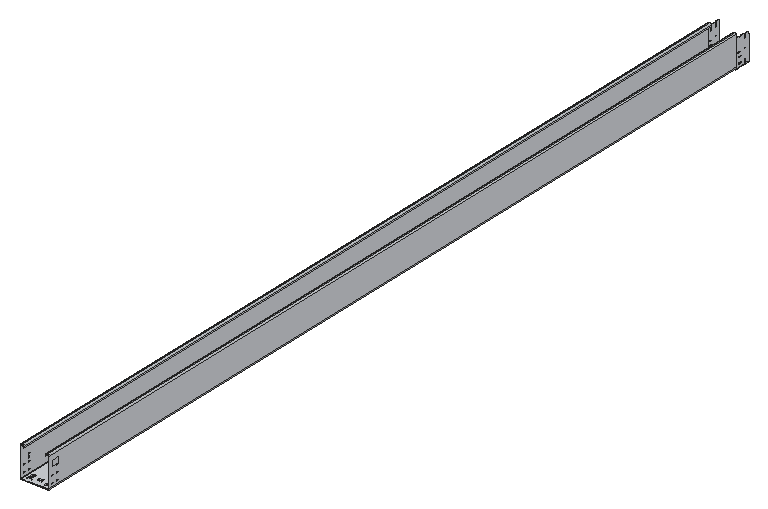
Revit family "SKSMUKabelrinne SKS-Magic® 110 ungelocht FS_FT_110_115_120_130_140_150_160", category Generic Models, Revit 2017
Family settings
  Can host rebar = No
  Round Connector Dimension = Use Diameter
  Part Type = Normal
  Work Plane-Based = No
  Always vertical = Yes
  Cut with Voids When Loaded = No
  Shared = No
  Room Calculation Point = No
Parameters (values of type "SKSMU 110 FS")
  Width 2 = 6.5 mm
  Width 1 = Width / 2  # 50 mm
  Width = 100 mm
  URL = "http://www.obo-bettermann.com"
  Material = Strip-galvanised
  Manufacturer Art.No. = "6059836"
  Manufacturer = "OBO BETTERMANN"
  Length 2 = 49.812 mm
  Length 1 = 3000 mm
  Length = 3050 mm
  Height = 110 mm
  GTIN = "4012195833925"
  Cut's number = 2
  Article Type = "SKSMU 110 FS"
Types (15, lengths in mm): name | Width 1 | Width | Material | Manufacturer Art.No. | GTIN | Article Type
  (no name) | 50 | 100 | Strip-galvanised | "6059836" | "4012195833925" | "SKSMU 110 FS"
  SKSMU 110 FS | 50 | 100 | Strip-galvanised | "6059836" | "4012195833925" | "SKSMU 110 FS"
  SKSMU 115 FS | 75 | 150 | Strip-galvanised | "6059838" | "4012195833932" | "SKSMU 115 FS"
  SKSMU 120 FS | 100 | 200 | Strip-galvanised | "6059840" | "4012195833949" | "SKSMU 120 FS"
  SKSMU 130 FS | 150 | 300 | Strip-galvanised | "6059842" | "4012195833987" | "SKSMU 130 FS"
  SKSMU 140 FS | 200 | 400 | Strip-galvanised | "6059844" | "4012195833994" | "SKSMU 140 FS"
  SKSMU 150 FS | 250 | 500 | Strip-galvanised | "6059846" | "4012195834007" | "SKSMU 150 FS"
  SKSMU 160 FS | 300 | 600 | Strip-galvanised | "6059848" | "4012195834038" | "SKSMU 160 FS"
  SKSMU 110 FT | 50 | 100 | Hot dip galvanised | "6059853" | "4012195834045" | "SKSMU 110 FT"
  SKSMU 115 FT | 75 | 150 | Hot dip galvanised | "6059855" | "4012195834052" | "SKSMU 115 FT"
  SKSMU 120 FT | 100 | 200 | Hot dip galvanised | "6059857" | "4012195834069" | "SKSMU 120 FT"
  SKSMU 130 FT | 150 | 300 | Hot dip galvanised | "6059859" | "4012195834106" | "SKSMU 130 FT"
  SKSMU 140 FT | 200 | 400 | Hot dip galvanised | "6059861" | "4012195834113" | "SKSMU 140 FT"
  SKSMU 150 FT | 250 | 500 | Hot dip galvanised | "6059863" | "4012195834120" | "SKSMU 150 FT"
  SKSMU 160 FT | 300 | 600 | Hot dip galvanised | "6059865" | "4012195834151" | "SKSMU 160 FT"
Reference planes
  plane 1 "Center (Front/Back)": y = 0
  plane 2: z = 0
  plane 3 "Center (Left/Right)": x = 0
  plane 4: x = -31
  plane 5: x = 31
  plane 6: z = -3.5
  plane 7: y = 3050
  plane 8: z = -5.8
  plane 9: x = -31
  plane 10: x = 31
  plane 11: y = 36.35
  plane 12: z = -5.8
  plane 13: y = 35.85
  plane 14: z = 14
  plane 15: z = 39
  plane 16: y = 35.85
  plane 17: x = 0.74
  plane 18: y = 3024.58
  plane 19: y = 3024.58
  plane 20: x = -31
  plane 21: x = 31
  plane 22: x = 0
  plane 23: y = 3032.58
  plane 24: y = 3016.58
  plane 25 "2": x = -5
  plane 26 "1": y = 29.1
  plane 27: y = 21.1
  plane 28: x = 6
  plane 29: x = 6
  plane 30: x = -3
  plane 31: z = 14.186
  plane 32: z = -2.3
  plane 33: z = -2.3
  plane 34: z = 39.186
  plane 35: y = 14.692
  plane 36: z = 42.107
  plane 37: z = 17.5
  plane 38: z = 10.5
  plane 39: y = 14.692
  plane 40: z = 67.107
  plane 41: z = 42.5
  plane 42: z = 35.5
  plane 43: z = 52.5
  plane 44: z = 64
  plane 45: y = 35.85
  plane 46: y = 3035
  plane 47: z = 13.2
  plane 48: y = 3035
  plane 49: z = 54.6
  plane 50: y = 3020
  plane 51: y = 3015
  plane 52: z = 47.25
  plane 53: y = 3005
  plane 54: y = 3022
  plane 55: z = 17.5
  plane 56: z = 0
  plane 57: z = 9
  plane 58: z = 111
  plane 59: x = -38
  plane 60: z = 105
  plane 61: x = -44
  plane 62: z = 106.5
  plane 63: x = 43.986
  plane 64: z = 101.956
  plane 65: x = 37.986
  plane 66: z = 96.45
  plane 67: z = 0
  plane 68: z = 17.5
  plane 69: z = 13.2
  plane 70: y = 3035
  plane 71: z = 54.6
  plane 72: y = 3035
  plane 73: y = 3035
  plane 74: z = 79.45
  plane 75: z = 79.45
  plane 76: y = 3015.188
  plane 77: z = 111.002
  plane 78: z = 45.2
  plane 79: z = 35.6
  plane 80: z = 79.45
  plane 81: y = 3035
  plane 82: y = 3015.188
  plane 83: z = 35.6
  plane 84: z = 35.6
  plane 85: z = 87.5
  plane 86: x = 52.5
  plane 87: y = 35.5
  plane 88: y = 25.1
  plane 89: y = 25.1
  plane 90: y = 35.5
  plane 91: y = 13.15
  plane 92: y = 13.15
  plane 93: z = 87.5
Forms (mm)
  Extrusion 1, solid
    sketch origin (0, 0, 0) x (1, 0, 0) y (0, 0, 1)
      loop
        line (-47.763, 0) -> (47.503, 0)
        arc (47.503, 0) -> (49.269, 0.731) -> (50, 2.497) r 2.497
        line (50, 2.497) -> (50, 104.985)
        arc (50, 104.985) -> (43.993, 110.992) -> (37.986, 104.985) r 6.007
        line (37.986, 104.985) -> (37.986, 101.956) -> (39.486, 101.956) -> (39.486, 104.985)
        arc (39.486, 104.985) -> (43.993, 109.492) -> (48.5, 104.985) r 4.507
        line (48.5, 104.985) -> (48.5, 2.497)
        arc (48.5, 2.497) -> (48.208, 1.792) -> (47.503, 1.5) r 0.997
        line (47.503, 1.5) -> (-47.641, 1.5)
        arc (-47.641, 1.5) -> (-48.248, 1.752) -> (-48.5, 2.359) r 0.859
        line (-48.5, 2.359) -> (-48.5, 105)
        arc (-48.5, 105) -> (-44, 109.5) -> (-39.5, 105) r 4.5
        line (-39.5, 105) -> (-39.5, 101.956) -> (-38, 101.956) -> (-38, 105)
        arc (-38, 105) -> (-44, 111) -> (-50, 105) r 6
        line (-50, 105) -> (-50, 2.237)
        arc (-50, 2.237) -> (-49.345, 0.655) -> (-47.763, 0) r 2.237
    from 0 to -3000.188
  Extrusion 2, solid
    sketch origin (0, 0, 0) x (1, 0, 0) y (0, 0, 1)
      loop
        arc (-47.746, 0) -> (-49.34, 0.66) -> (-50, 2.254) r 2.254
        line (-50, 2.254) -> (-50, 96.45) -> (-52.3, 96.45) -> (-52.3, 2.5)
        arc (-52.3, 2.5) -> (-50.894, -0.894) -> (-47.5, -2.3) r 4.8
        line (-47.5, -2.3) -> (47.5, -2.3)
        arc (47.5, -2.3) -> (50.894, -0.894) -> (52.3, 2.5) r 4.8
        line (52.3, 2.5) -> (52.3, 96.45) -> (50, 96.45) -> (50, 2.5)
        arc (50, 2.5) -> (49.268, 0.732) -> (47.5, 0) r 2.5
        line (47.5, 0) -> (-47.746, 0)
    from -3050 to -3000.188
  Extrusion 3, solid
    sketch origin (0, 0, 0) x (1, 0, 0) y (0, 0, 1)
      loop
        line (-31.068, -5.761) -> (-21.09, 0) -> (-25.554, 0) -> (-31, -3.144) -> (-36.446, 0) -> (-41.046, 0) -> (-31.068, -5.761)
      loop
        line (31, -5.8) -> (41.046, 0) -> (36.446, 0) -> (31, -3.144) -> (25.554, 0) -> (20.954, 0) -> (31, -5.8)
    from -36.35 to -29.85
  Extrusion 4, solid
    sketch origin (0, 0, 0) x (1, 0, 0) y (0, 0, 1)
      loop
        line (-41.046, 0) -> (-31.068, -5.761) -> (-21.09, 0) -> (-25.554, 0) -> (-31, -3.144) -> (-36.446, 0) -> (-41.046, 0)
      loop
        line (20.954, 0) -> (31, -5.8) -> (41.046, 0) -> (36.446, 0) -> (31, -3.144) -> (25.554, 0) -> (20.954, 0)
    from -20.3 to -13.8
  Extrusion 5, void
    sketch origin (0, 0, 0) x (1, 0, 0) y (0, 1, 0)
      loop
        line (-36.446, 36.35) -> (-36.446, 29.85) -> (-25.554, 29.85) -> (-25.554, 36.35) -> (-36.446, 36.35)
      loop
        line (-36.446, 20.3) -> (-36.446, 13.8) -> (-25.554, 13.8) -> (-25.554, 20.3) -> (-36.446, 20.3)
      loop
        line (25.554, 36.35) -> (25.554, 29.85) -> (36.446, 29.85) -> (36.446, 36.35) -> (25.554, 36.35)
      loop
        line (25.554, 20.3) -> (25.554, 13.8) -> (36.446, 13.8) -> (36.446, 20.3) -> (25.554, 20.3)
    from 0 to 1.5
  Extrusion 6, void
    sketch origin (0, 0, 0) x (0, 1, 0) y (0, 0, 1)
      loop
        arc (31.85, 17.5) -> (28.35, 14) -> (31.85, 10.5) r 3.5
        line (31.85, 10.5) -> (39.85, 10.5)
        arc (39.85, 10.5) -> (43.35, 14) -> (39.85, 17.5) r 3.5
        line (39.85, 17.5) -> (31.85, 17.5)
    from 48.5 to 50
  Extrusion 7, void
    sketch origin (0, 0, 0) x (0, 1, 0) y (0, 0, 1)
      loop
        arc (31.654, 42.107) -> (28.35, 38.804) -> (31.654, 35.5) r 3.304
        line (31.654, 35.5) -> (40.046, 35.5)
        arc (40.046, 35.5) -> (43.35, 38.804) -> (40.046, 42.107) r 3.304
        line (40.046, 42.107) -> (31.654, 42.107)
    from 48.5 to 50
  Extrusion 8, void
    sketch origin (0, 0, 0) x (1, 0, 0) y (0, 1, 0)
      loop
        line (-7.26, 3028.08) -> (-7.26, 3021.08) -> (8.74, 3021.08) -> (8.74, 3028.08) -> (-7.26, 3028.08)
    from -2.3 to 0
  Extrusion 9, void
    sketch origin (0, 0, 0) x (1, 0, 0) y (0, 1, 0)
      loop
        line (23, 3036.38) -> (23, 3028.78) -> (39, 3028.78) -> (39, 3036.38) -> (23, 3036.38)
      loop
        line (23, 3020.341) -> (23, 3012.741) -> (39, 3012.741) -> (39, 3020.341) -> (23, 3020.341)
      loop
        line (-39, 3036.38) -> (-39, 3028.78) -> (-23, 3028.78) -> (-23, 3036.38) -> (-39, 3036.38)
      loop
        line (-39, 3020.341) -> (-39, 3012.741) -> (-23, 3012.741) -> (-23, 3020.341) -> (-39, 3020.341)
    from -2.3 to 0
  Extrusion 10, void
    sketch origin (0, 0, 0) x (1, 0, 0) y (0, 1, 0)
      loop
        arc (-6, 30.1) -> (-6.707, 29.807) -> (-7, 29.1) r 1
        line (-7, 29.1) -> (-7, 21.1)
        arc (-7, 21.1) -> (-6.707, 20.393) -> (-6, 20.1) r 1
        line (-6, 20.1) -> (6.045, 20.1)
        arc (6.045, 20.1) -> (7.064, 21.118) -> (6.045, 22.137) r 1.018
        line (6.045, 22.137) -> (-3.101, 23.098)
        arc (-3.101, 23.098) -> (-5, 25.276) -> (-2.758, 27.1) r 2.009
        line (-2.758, 27.1) -> (6.086, 28.111)
        arc (6.086, 28.111) -> (6.968, 29.159) -> (5.972, 30.1) r 0.997
        line (5.972, 30.1) -> (-6, 30.1)
    from 0 to 1.5
  Extrusion 11, void
    sketch origin (0, 0, 0) x (0, 1, 0) y (0, 0, 1)
      loop
        arc (9.939, 17.5) -> (7.197, 14) -> (9.939, 10.5) r 3.605
        line (9.939, 10.5) -> (18.803, 10.5)
        arc (18.803, 10.5) -> (22.198, 13.623) -> (19.7, 17.5) r 3.581
        line (19.7, 17.5) -> (9.939, 17.5)
    from 48.5 to 50
  Extrusion 12, void
    sketch origin (0, 0, 25) x (0, 1, 0) y (0, 0, 1)
      loop
        arc (9.939, 17.5) -> (7.197, 14) -> (9.939, 10.5) r 3.605
        line (9.939, 10.5) -> (18.803, 10.5)
        arc (18.803, 10.5) -> (22.198, 13.623) -> (19.7, 17.5) r 3.581
        line (19.7, 17.5) -> (9.939, 17.5)
    from 48.5 to 50
  Extrusion 13, void
    sketch origin (0, 0, 0) x (0, 1, 0) y (0, 0, 1)
      loop
        line (32.35, 56.5) -> (32.35, 48.5) -> (40.35, 48.5) -> (40.35, 56.5) -> (32.35, 56.5)
    from 48.5 to 50
  Extrusion 14, void
    sketch origin (0, 0, 25) x (0, 1, 0) y (0, 0, 1)
      loop
        arc (31.654, 42.107) -> (28.35, 38.804) -> (31.654, 35.5) r 3.304
        line (31.654, 35.5) -> (40.046, 35.5)
        arc (40.046, 35.5) -> (43.35, 38.804) -> (40.046, 42.107) r 3.304
        line (40.046, 42.107) -> (31.654, 42.107)
    from 48.5 to 50
  Extrusion 15, void
    sketch origin (0, 0, 0) x (0, 1, 0) y (0, 0, 1)
      loop
        line (40.35, 56.5) -> (32.35, 56.5) -> (32.35, 48.5) -> (40.35, 48.5) -> (40.35, 56.5)
      loop
        line (19.697, 42.5) -> (9.807, 42.5)
        arc (9.807, 42.5) -> (7.118, 38.959) -> (9.911, 35.5) r 3.606
        line (9.911, 35.5) -> (19.125, 35.5)
        arc (19.125, 35.5) -> (22.211, 38.771) -> (19.697, 42.5) r 3.6
      loop
        line (40.046, 42.107) -> (31.654, 42.107)
        arc (31.654, 42.107) -> (28.35, 38.804) -> (31.654, 35.5) r 3.304
        line (31.654, 35.5) -> (40.046, 35.5)
        arc (40.046, 35.5) -> (43.35, 38.804) -> (40.046, 42.107) r 3.304
      loop
        line (40.046, 67.107) -> (31.654, 67.107)
        arc (31.654, 67.107) -> (28.35, 63.804) -> (31.654, 60.5) r 3.304
        line (31.654, 60.5) -> (40.046, 60.5)
        arc (40.046, 60.5) -> (43.35, 63.804) -> (40.046, 67.107) r 3.304
      loop
        line (39.85, 17.476) -> (31.823, 17.476)
        arc (31.823, 17.476) -> (28.35, 14.003) -> (31.823, 10.53) r 3.473
        line (31.823, 10.53) -> (39.85, 10.53)
        arc (39.85, 10.53) -> (43.323, 14.003) -> (39.85, 17.476) r 3.473
      loop
        line (19.774, 17.476) -> (9.847, 17.476)
        arc (9.847, 17.476) -> (7.197, 14.012) -> (9.823, 10.53) r 3.605
        line (9.823, 10.53) -> (19.138, 10.53)
        arc (19.138, 10.53) -> (22.212, 13.751) -> (19.774, 17.476) r 3.581
    from -50 to -48.5
  Extrusion 16, void
    sketch origin (0, 0, 0) x (0, 1, 0) y (0, 0, 1)
      loop
        line (3031.5, 19.2) -> (3031.5, 7.257) -> (3038.5, 7.257) -> (3038.5, 19.2) -> (3031.5, 19.2)
      loop
        line (3030, 50.649) -> (3040, 50.649) -> (3040, 54.6) -> (3030, 54.6) -> (3030, 50.649)
    from -52.3 to -50
  Extrusion 17, void
    sketch origin (0, 0, 0) x (0, 1, 0) y (0, 0, 1)
      loop
        line (3005, 9) -> (3022, 9) -> (3022, 35.6) -> (3005, 35.6) -> (3005, 29.6) -> (3018.5, 29.6) -> (3018.5, 17.5) -> (3005, 17.5) -> (3005, 9)
    from -52.3 to -50
  Extrusion 18, void
    sketch origin (0, 0, 0) x (0, 1, 0) y (0, 0, 1)
      loop
        line (3005, 35.6) -> (3005, 29.6) -> (3018.5, 29.6) -> (3018.5, 17.5) -> (3005, 17.5) -> (3005, 9) -> (3022, 9) -> (3022, 35.6) -> (3005, 35.6)
    from 50 to 52.3
  Extrusion 19, void
    sketch origin (0, 0, 0) x (0, 1, 0) y (0, 0, 1)
      loop
        line (3031.543, 19.2) -> (3031.543, 7.2) -> (3038.543, 7.2) -> (3038.543, 19.2) -> (3031.543, 19.2)
    from 50 to 52.3
  Extrusion 20, void
    sketch origin (0, 0, 0) x (0, 1, 0) y (0, 0, 1)
      loop
        line (3030, 54.6) -> (3030, 50.6) -> (3040, 50.6) -> (3040, 54.6) -> (3030, 54.6)
    from 50 to 52.3
  Extrusion 21, void
    sketch origin (0, 0, 0) x (0, 1, 0) y (0, 0, 1)
      loop
        line (3050, 96.45) -> (3047.01, 96.45) -> (3050, 88.236) -> (3050, 96.45)
    from 50 to 52.3
  Extrusion 22, void
    sketch origin (0, 0, 0) x (0, 1, 0) y (0, 0, 1)
      loop
        line (3035, 79.45) -> (3038.386, 79.45) -> (3038.386, 92.439) -> (3039.846, 96.45) -> (3038.386, 96.45) -> (3031.571, 96.45) -> (3030.054, 96.45) -> (3031.571, 92.28) -> (3031.571, 79.45) -> (3035, 79.45)
    from 50 to 52.3
  Extrusion 23, void
    sketch origin (0, 0, 0) x (0, 1, 0) y (0, 0, 1)
      loop
        line (3015.071, 96.45) -> (3011.421, 96.45) -> (3009.884, 96.45) -> (3011.421, 92.228) -> (3011.421, 79.45) -> (3012.688, 75.969) -> (3012.688, 67.217) -> (3012.688, 50.2) -> (3001.689, 50.2) -> (3001.689, 45.2) -> (3017.688, 45.2) -> (3017.688, 76.53) -> (3018.75, 79.45) -> (3018.75, 92.366) -> (3020.237, 96.45) -> (3018.75, 96.45) -> (3015.071, 96.45)
    from 50 to 52.3
  Extrusion 24, void
    sketch origin (0, 0, 0) x (0, 1, 0) y (0, 0, 1)
      loop
        line (3050, 96.45) -> (3047.01, 96.45) -> (3050, 88.236) -> (3050, 96.45)
    from -52.3 to -50
  Extrusion 25, void
    sketch origin (0, 0, 0) x (0, 1, 0) y (0, 0, 1)
      loop
        line (3031.571, 92.299) -> (3031.571, 79.45) -> (3038.386, 79.45) -> (3038.386, 92.439) -> (3039.846, 96.45) -> (3038.386, 96.45) -> (3035, 96.45) -> (3031.571, 96.45) -> (3030.061, 96.45) -> (3031.571, 92.299)
    from -52.3 to -50
  Extrusion 26, void
    sketch origin (0, 0, 0) x (0, 1, 0) y (0, 0, 1)
      loop
        line (3009.884, 96.45) -> (3011.421, 92.228) -> (3011.421, 79.45) -> (3012.688, 75.969) -> (3012.688, 50.2) -> (3001.688, 50.2) -> (3001.688, 45.2) -> (3017.688, 45.2) -> (3017.688, 76.53) -> (3018.75, 79.45) -> (3018.75, 92.366) -> (3020.237, 96.45) -> (3009.884, 96.45)
    from -52.3 to -50
  Extrusion 27, solid
    sketch origin (0, 0, 0) x (1, 0, 0) y (0, 0, 1)
      loop
        line (50, 87.5) -> (50, 86) -> (51, 86) -> (51, 71.038) -> (50, 71.038) -> (50, 69.538) -> (52.5, 69.538) -> (52.5, 87.5) -> (50, 87.5)
    from -35.5 to -13.15
  Extrusion 28, solid
    sketch origin (0, 0, 0) x (1, 0, 0) y (0, 0, 1)
      loop
        line (-50, 87.5) -> (-52.468, 87.5) -> (-52.468, 69.507) -> (-50, 69.507) -> (-50, 71.047) -> (-51.009, 71.047) -> (-51.009, 86.015) -> (-50, 86.015) -> (-50, 87.5)
    from -35.5 to -13.15
Cuts and joins
  Extrusion 5, Extrusion 6, Extrusion 7, Extrusion 10, Extrusion 11, Extrusion 12, Extrusion 13, Extrusion 14, Extrusion 15 cuts Extrusion 1
  Extrusion 8, Extrusion 9, Extrusion 16, Extrusion 17, Extrusion 18, Extrusion 19, Extrusion 20, Extrusion 21, Extrusion 22, Extrusion 23, Extrusion 24, Extrusion 25, Extrusion 26 cuts Extrusion 2
Dimensions and locks
  plane 3 "Center (Left/Right)" to plane 4 = 31 mm
  plane 5 to plane 3 "Center (Left/Right)" = 31 mm
  Extrusion 1 sketch curve to plane 6 = 3.5 mm
  "Length": plane 1 "Center (Front/Back)" to plane 7
  locked: Extrusion 2 to Extrusion 2 at 49.812
  locked: Extrusion 2 to plane 8 at 3.5
  locked: plane 3 "Center (Left/Right)" to plane 9 at 31
  locked: plane 10 to plane 3 "Center (Left/Right)" at 31
  "Width 2": Extrusion 3 to Extrusion 3
  locked: Extrusion 3 sketch curve to Extrusion 3 sketch curve at 2.232
  locked: Extrusion 3 sketch curve to Extrusion 3 sketch curve at 2.3  (x3)
  locked: Extrusion 3 to Extrusion 3 at 2.3  (x3)
  locked: Extrusion 3 to Extrusion 3 at 2.232
  locked: Extrusion 2 to plane 12 at 3.5
  locked: plane 3 "Center (Left/Right)" to Extrusion 4 sketch curve at 31.068
  locked: Extrusion 4 sketch curve to plane 3 "Center (Left/Right)" at 31
  "Width 2": Extrusion 4 to Extrusion 4
  locked: cut or joined group 1 (Extrusion 1, Extrusion 5, Extrusion 6, Extrusion 7, Extrusion 10, Extrusion 11, Extrusion 12, Extrusion 13, Extrusion 14, Extrusion 15) to plane 13 at 35.85
  locked: plane 14 to level at 14
  locked: Extrusion 6 sketch curve to Extrusion 6 sketch curve at 7
  locked: plane 14 to Extrusion 6 sketch curve at 3.5
  locked: plane 13 to Extrusion 6 sketch curve at 7.5
  locked: Extrusion 6 sketch curve to plane 13 at 7.5
  locked: plane 15 to Extrusion 7 sketch curve at 3.5
  locked: Extrusion 7 sketch curve to Extrusion 7 sketch curve at 6.607
  locked: Extrusion 7 sketch curve to plane 16 at 7.5
  locked: plane 16 to Extrusion 7 sketch curve at 7.5
  locked: cut or joined group 1 to cut or joined group 1 at 6.607
  locked: plane 7 to plane 18 at 25.42
  locked: Extrusion 8 sketch curve to Extrusion 8 sketch curve at 7
  locked: Extrusion 8 sketch curve to Extrusion 8 sketch curve at 16
  locked: plane 18 to Extrusion 8 sketch curve at 3.5
  locked: Extrusion 8 sketch curve to plane 17 at 8
  locked: plane 7 to plane 19 at 25.42
  locked: plane 20 to plane 22 at 31
  locked: plane 22 to plane 21 at 31
  locked: plane 23 to plane 19 at 8
  locked: plane 19 to plane 24 at 8
  locked: Extrusion 9 sketch curve to Extrusion 9 sketch curve at 7.6  (x2)
  locked: plane 23 to Extrusion 9 sketch curve at 3.8
  locked: Extrusion 9 sketch curve to Extrusion 9 sketch curve at 16  (x2)
  locked: plane 21 to Extrusion 9 sketch curve at 8
  locked: plane 24 to Extrusion 9 sketch curve at 3.761
  locked: plane 20 to Extrusion 9 sketch curve at 8
  locked: Extrusion 10 sketch curve to plane 3 "Center (Left/Right)" at 7
  locked: Extrusion 10 sketch curve to Extrusion 10 sketch curve at 10
  locked: Extrusion 10 sketch curve to Extrusion 10 sketch curve at 14.064
  locked: Extrusion 10 sketch curve to Extrusion 10 sketch curve at 13.97
  locked: Extrusion 10 sketch curve to plane 3 "Center (Left/Right)" at 5.007
  plane 31 to level = 14.186 mm
  locked: plane 34 to plane 31 at 25
  cut or joined group 1 to plane 35 = 14.692 mm
  locked: Extrusion 11 sketch curve to Extrusion 11 sketch curve at 7
  locked: plane 35 to Extrusion 11 sketch curve at 7.534
  locked: Extrusion 11 sketch curve to plane 35 at 7.495
  locked: Extrusion 12 sketch curve to Extrusion 12 sketch curve at 7
  locked: plane 39 to Extrusion 12 sketch curve at 7.534
  locked: Extrusion 12 sketch curve to plane 39 at 7.495
  locked: plane 43 to level at 52.5
  locked: Extrusion 13 sketch curve to Extrusion 13 sketch curve at 8  (x2)
  locked: Extrusion 13 sketch curve to plane 11 at 4
  locked: plane 43 to Extrusion 13 sketch curve at 4
  locked: plane 44 to Extrusion 14 sketch curve at 3.5
  locked: Extrusion 14 sketch curve to Extrusion 14 sketch curve at 6.607
  locked: Extrusion 14 sketch curve to plane 45 at 7.5
  locked: plane 45 to Extrusion 14 sketch curve at 7.5
  locked: cut or joined group 2 (Extrusion 2, Extrusion 8, Extrusion 9, Extrusion 16, Extrusion 17, Extrusion 18, Extrusion 19, Extrusion 20, Extrusion 21, Extrusion 22, Extrusion 23, Extrusion 24, Extrusion 25, Extrusion 26) to plane 47 at 15.5
  locked: plane 46 to cut or joined group 2 at 15
  locked: Extrusion 16 sketch curve to Extrusion 16 sketch curve at 7
  locked: Extrusion 16 sketch curve to plane 46 at 3.5
  locked: plane 47 to Extrusion 16 sketch curve at 6
  locked: plane 49 to cut or joined group 2 at 54.6
  locked: Extrusion 16 sketch curve to Extrusion 16 sketch curve at 10
  locked: plane 48 to Extrusion 16 sketch curve at 5
  locked: plane 50 to cut or joined group 2 at 30
  locked: plane 52 to cut or joined group 2 at 47.25
  plane 53 to cut or joined group 2 = 45 mm
  locked: plane 53 to plane 54 at 17
  locked: plane 55 to plane 56 at 17.5
  plane 54 to cut or joined group 2 = 28 mm
  plane 53 to plane 54 = 17 mm
  plane 59 to Extrusion 1 sketch curve = 12 mm
  locked: Extrusion 1 sketch curve to Extrusion 1 sketch curve at 9.044
  locked: Extrusion 1 sketch curve to Extrusion 1 sketch curve at 12
  Extrusion 1 sketch curve to Extrusion 1 sketch curve = 9.044 mm
  locked: Extrusion 1 sketch curve to Extrusion 1 sketch curve at 1.5  (x4)
  plane 65 to Extrusion 1 sketch curve = 12.014 mm
  locked: Extrusion 1 sketch curve to Extrusion 1 sketch curve at 9.036
  locked: Extrusion 1 sketch curve to Extrusion 1 sketch curve at 12.014
  "Width": Extrusion 1 sketch curve to Extrusion 1 sketch curve
  "Width 1": plane 3 "Center (Left/Right)" to Extrusion 1 sketch curve
  locked: cut or joined group 1 to cut or joined group 1 at 110.992
  locked: cut or joined group 1 to Extrusion 2 sketch curve at 2.3
  locked: Extrusion 2 sketch curve to cut or joined group 1 at 2.3
  locked: plane 68 to plane 67 at 17.5
  locked: Extrusion 16 sketch curve to Extrusion 16 sketch curve at 3.951
  Extrusion 16 sketch curve to Extrusion 16 sketch curve = 10 mm
  locked: cut or joined group 2 to cut or joined group 1 at 2.3  (x2)
  locked: cut or joined group 1 to cut or joined group 2 at 2.3
  locked: cut or joined group 2 to plane 69 at 15.5
  locked: plane 70 to cut or joined group 2 at 15
  locked: Extrusion 19 sketch curve to Extrusion 19 sketch curve at 7
  locked: Extrusion 19 sketch curve to plane 70 at 3.457
  locked: Extrusion 19 sketch curve to Extrusion 19 sketch curve at 12
  locked: plane 69 to Extrusion 19 sketch curve at 6
  locked: plane 71 to cut or joined group 2 at 54.6
  locked: plane 72 to cut or joined group 2 at 15
  locked: Extrusion 20 sketch curve to Extrusion 20 sketch curve at 10
  locked: Extrusion 20 sketch curve to plane 72 at 5
  locked: Extrusion 20 sketch curve to Extrusion 20 sketch curve at 4
  locked: Extrusion 21 sketch curve to Extrusion 21 sketch curve at 2.99
  locked: cut or joined group 2 to Extrusion 21 sketch curve at 8.214
  locked: cut or joined group 2 to plane 74 at 17
  locked: plane 73 to cut or joined group 2 at 15
  locked: Extrusion 22 sketch curve to Extrusion 22 sketch curve at 6.815
  locked: cut or joined group 2 to Extrusion 22 sketch curve at 17
  locked: cut or joined group 1 to plane 76 at 15
  locked: Extrusion 23 sketch curve to plane 76 at 2.5
  locked: cut or joined group 2 to plane 78 at 47.5
  cut or joined group 2 to plane 75 = 17 mm
  plane 78 to plane 79 = 9.6 mm
  locked: Extrusion 23 sketch curve to Extrusion 23 sketch curve at 15.999
  locked: cut or joined group 2 to Extrusion 23 sketch curve at 47.5
  locked: Extrusion 23 sketch curve to Extrusion 23 sketch curve at 5
  locked: cut or joined group 2 to plane 80 at 17
  locked: cut or joined group 2 to plane 81 at 15
  locked: cut or joined group 2 to cut or joined group 2 at 6.815
  locked: cut or joined group 2 to Extrusion 25 sketch curve at 17
  locked: plane 82 to cut or joined group 1 at 15
  locked: cut or joined group 2 to cut or joined group 2 at 51.25
  locked: Extrusion 26 sketch curve to Extrusion 26 sketch curve at 16
  locked: Extrusion 26 sketch curve to Extrusion 26 sketch curve at 5
  locked: Extrusion 26 sketch curve to Extrusion 26 sketch curve at 7.33
  locked: plane 84 to cut or joined group 2 at 9.6
  locked: plane 85 to cut or joined group 1 at 87.5
  plane 86 to cut or joined group 1 = 2.5 mm
  locked: Extrusion 27 sketch curve to Extrusion 27 sketch curve at 17.962
  locked: Extrusion 27 sketch curve to cut or joined group 1 at 2.5
  locked: Extrusion 27 sketch curve to Extrusion 27 sketch curve at 1.5
  locked: plane 1 "Center (Front/Back)" to plane 90 at 35.5
  locked: cut or joined group 1 to plane 92 at 13.15
  locked: plane 93 to cut or joined group 1 at 87.5
  locked: Extrusion 28 sketch curve to Extrusion 28 sketch curve at 17.993
  locked: Extrusion 28 sketch curve to cut or joined group 1 at 2.468
  Extrusion 28 sketch curve to cut or joined group 1 = 2.468 mm
  locked: Extrusion 28 sketch curve to Extrusion 28 sketch curve at 1.459
  locked: Extrusion 3 sketch curve to Extrusion 3 sketch curve (angle 120.00°)  (x2)
  locked: Extrusion 3 to Extrusion 3 (angle 120.00°)  (x2)
  aligned and locked: level to plane 2
  aligned and locked: Extrusion 1 to level
  aligned and locked: Extrusion 2 sketch curve to level
  aligned and locked: plane 7 to Extrusion 2
  aligned and locked: Extrusion 2 to Extrusion 1
  aligned and locked: plane 11 to Extrusion 3
  aligned and locked: level to Extrusion 3 sketch curve  (x2)
  aligned and locked: Extrusion 3 sketch curve to plane 2  (x2)
  aligned and locked: Extrusion 3 to Extrusion 1  (x4)
  aligned and locked: Extrusion 4 sketch curve to level  (x4)
  aligned and locked: Extrusion 4 to Extrusion 1  (x4)
  aligned and locked: Extrusion 5 sketch curve to plane 11
  aligned and locked: Extrusion 5 sketch curve to Extrusion 3  (x7)
  aligned and locked: Extrusion 5 sketch curve to Extrusion 4  (x8)
  aligned and locked: Extrusion 5 to level
  aligned and locked: Extrusion 1 to Extrusion 6  (x2)
  aligned and locked: Extrusion 2 to Extrusion 8
  aligned and locked: level to Extrusion 8
  aligned and locked: Extrusion 9 sketch curve to Extrusion 9 sketch curve  (x8)
  aligned and locked: Extrusion 2 to Extrusion 9
  aligned and locked: level to Extrusion 9
  aligned and locked: Extrusion 10 to level
  aligned and locked: Extrusion 1 to Extrusion 10
  aligned and locked: Extrusion 5 to Extrusion 10
  aligned and locked: plane 33 to plane 32
  aligned and locked: Extrusion 11 sketch curve to plane 37
  aligned and locked: Extrusion 12 sketch curve to plane 41
  aligned and locked: Extrusion 1 to Extrusion 12  (x2)
  aligned and locked: Extrusion 1 to Extrusion 11  (x2)
  aligned and locked: Extrusion 1 to Extrusion 13  (x2)
  aligned and locked: Extrusion 15 sketch curve to cut or joined group 1  (x7)
  aligned and locked: cut or joined group 1 to Extrusion 15 sketch curve
  aligned and locked: Extrusion 15 sketch curve to Extrusion 15 sketch curve
  aligned and locked: Extrusion 1 to Extrusion 15  (x2)
  aligned and locked: plane 48 to plane 46
  aligned and locked: Extrusion 11 to Extrusion 6
  aligned and locked: Extrusion 12 to Extrusion 7
  aligned and locked: Extrusion 7 to Extrusion 13
  aligned and locked: Extrusion 13 to Extrusion 7
  aligned and locked: Extrusion 1 to Extrusion 14  (x2)
  aligned and locked: Extrusion 16 sketch curve to Extrusion 16 sketch curve
  aligned and locked: Extrusion 16 sketch curve to plane 49
  aligned and locked: Extrusion 2 to Extrusion 18  (x2)
  aligned and locked: Extrusion 2 to Extrusion 17  (x2)
  aligned and locked: Extrusion 2 to cut or joined group 1  (x2)
  aligned and locked: level to Extrusion 2
  aligned and locked: Extrusion 1 to cut or joined group 2
  aligned and locked: Extrusion 2 to Extrusion 16  (x2)
  aligned and locked: Extrusion 2 to Extrusion 19  (x2)
  aligned and locked: Extrusion 2 to Extrusion 20  (x2)
  aligned and locked: Extrusion 21 to Extrusion 2
  aligned and locked: Extrusion 2 to Extrusion 21
  aligned and locked: Extrusion 22 to Extrusion 2
  aligned and locked: Extrusion 2 to Extrusion 22
  aligned and locked: Extrusion 23 to Extrusion 2
  aligned and locked: Extrusion 2 to Extrusion 23
  aligned and locked: Extrusion 24 to Extrusion 2
  aligned and locked: Extrusion 2 to Extrusion 24
  aligned and locked: cut or joined group 2 to Extrusion 25 sketch curve
  aligned and locked: Extrusion 26 to Extrusion 2
  aligned and locked: Extrusion 25 to Extrusion 2
  aligned and locked: Extrusion 2 to Extrusion 25
  aligned and locked: Extrusion 2 to Extrusion 26
  aligned and locked: plane 84 to plane 83
  aligned and locked: Extrusion 18 sketch curve to plane 83
  aligned and locked: Extrusion 17 sketch curve to plane 83
  aligned and locked: Extrusion 27 sketch curve to cut or joined group 1
  aligned and locked: plane 90 to plane 87
  aligned and locked: plane 87 to Extrusion 27
  aligned and locked: plane 92 to plane 91
  aligned and locked: Extrusion 27 to plane 91
  aligned and locked: Extrusion 27 to cut or joined group 1
  aligned and locked: cut or joined group 2 to Extrusion 27
  aligned and locked: Extrusion 28 sketch curve to Extrusion 28 sketch curve
  aligned and locked: Extrusion 28 to Extrusion 27  (x2)
  aligned and locked: Extrusion 28 to plane 91
  aligned and locked: Extrusion 28 to cut or joined group 1
Automatic sketch dimensions
  Extrusion 3 sketch curve to plane 9 = 0 mm
  Extrusion 3 sketch curve to plane 10 = 0 mm  (x2)
  Extrusion 3 sketch curve to plane 8 = 0 mm
  plane 8 to Extrusion 3 sketch curve = 0.039 mm
  Extrusion 3 sketch curve to plane 9 = 0.068 mm
  Extrusion 4 sketch curve to Extrusion 4 sketch curve = 4.6 mm  (x3)
  Extrusion 4 sketch curve to level = 5.761 mm
  Extrusion 4 sketch curve to Extrusion 4 sketch curve = 5.378 mm
  Extrusion 4 sketch curve to level = 3.144 mm  (x2)
  Extrusion 4 sketch curve to Extrusion 4 sketch curve = 0.068 mm
  Extrusion 4 sketch curve to Extrusion 4 sketch curve = 5.446 mm  (x3)
  Extrusion 4 sketch curve to Extrusion 4 sketch curve = 4.464 mm
  Extrusion 4 sketch curve to level = 5.8 mm
  Extrusion 4 sketch curve to Extrusion 4 sketch curve = 0 mm
  Extrusion 10 sketch curve to plane 26 "1" = 0 mm
  Extrusion 10 sketch curve to plane 27 = 0 mm
  Extrusion 10 sketch curve to plane 30 = 0.101 mm
  plane 30 to Extrusion 10 sketch curve = 0.003 mm
  Extrusion 10 sketch curve to plane 28 = 0.028 mm
  plane 28 to Extrusion 10 sketch curve = 0.086 mm
  Extrusion 10 sketch curve to plane 27 = 0.018 mm
  Extrusion 10 sketch curve to plane 25 "2" = 1 mm
  plane 30 to Extrusion 10 sketch curve = 0.242 mm
  Extrusion 11 sketch curve to plane 35 = 4.754 mm
  Extrusion 11 sketch curve to Extrusion 11 sketch curve = 0.864 mm
  Extrusion 11 sketch curve to Extrusion 11 sketch curve = 1.054 mm
  Extrusion 11 sketch curve to Extrusion 11 sketch curve = 3.578 mm
  Extrusion 12 sketch curve to plane 39 = 4.754 mm
  Extrusion 12 sketch curve to Extrusion 12 sketch curve = 0.864 mm
  Extrusion 12 sketch curve to Extrusion 12 sketch curve = 1.054 mm
  Extrusion 12 sketch curve to Extrusion 12 sketch curve = 3.578 mm
  Extrusion 15 sketch curve to plane 31 = 3.655 mm
  Extrusion 15 sketch curve to plane 11 = 4.527 mm
  Extrusion 15 sketch curve to plane 11 = 4.696 mm  (x2)
  plane 31 to Extrusion 15 sketch curve = 3.291 mm
  Extrusion 15 sketch curve to Extrusion 15 sketch curve = 12.049 mm
  Extrusion 15 sketch curve to Extrusion 15 sketch curve = 11.956 mm
  Extrusion 15 sketch curve to Extrusion 15 sketch curve = 0.637 mm
  Extrusion 15 sketch curve to Extrusion 15 sketch curve = 0.572 mm
  Extrusion 15 sketch curve to plane 31 = 0.108 mm
  Extrusion 15 sketch curve to plane 34 = 0.121 mm
  Extrusion 15 sketch curve to plane 31 = 0.186 mm
  Extrusion 15 sketch curve to Extrusion 15 sketch curve = 7.843 mm
  Extrusion 15 sketch curve to plane 34 = 0.173 mm
  Extrusion 15 sketch curve to Extrusion 15 sketch curve = 7.9 mm
  Extrusion 15 sketch curve to Extrusion 15 sketch curve = 0.812 mm
  plane 11 to Extrusion 15 sketch curve = 3.5 mm
  plane 11 to Extrusion 15 sketch curve = 3.696 mm  (x2)
  Extrusion 15 sketch curve to Extrusion 15 sketch curve = 4 mm
  Extrusion 15 sketch curve to Extrusion 15 sketch curve = 3.304 mm
  Extrusion 15 sketch curve to Extrusion 15 sketch curve = 0.955 mm
  Extrusion 15 sketch curve to Extrusion 15 sketch curve = 0.979 mm
  Extrusion 2 sketch curve to Extrusion 2 sketch curve = 0 mm  (x2)
  Extrusion 2 sketch curve to Extrusion 2 sketch curve = 2.254 mm
  Extrusion 2 sketch curve to Extrusion 2 sketch curve = 0.246 mm
  level to Extrusion 2 sketch curve = 2.5 mm
  Extrusion 2 sketch curve to Extrusion 2 sketch curve = 2.3 mm  (x2)
  Extrusion 2 sketch curve to plane 66 = 0 mm  (x2)
  Extrusion 16 sketch curve to plane 47 = 5.943 mm
  Extrusion 20 sketch curve to plane 71 = 0 mm
  Extrusion 21 sketch curve to plane 7 = 0 mm
  Extrusion 21 sketch curve to Extrusion 21 sketch curve = 8.214 mm
  Extrusion 22 sketch curve to plane 73 = 0 mm
  Extrusion 22 sketch curve to plane 73 = 3.429 mm
  Extrusion 22 sketch curve to Extrusion 22 sketch curve = 1.518 mm
  plane 73 to Extrusion 22 sketch curve = 3.386 mm  (x2)
  Extrusion 22 sketch curve to Extrusion 22 sketch curve = 1.46 mm
  plane 74 to Extrusion 22 sketch curve = 12.83 mm
  Extrusion 22 sketch curve to Extrusion 22 sketch curve = 4.17 mm
  Extrusion 22 sketch curve to Extrusion 22 sketch curve = 4.011 mm
  Extrusion 23 sketch curve to plane 75 = 0 mm
  plane 75 to Extrusion 23 sketch curve = 0 mm
  Extrusion 23 sketch curve to Extrusion 23 sketch curve = 1.267 mm
  Extrusion 23 sketch curve to plane 76 = 3.767 mm
  Extrusion 23 sketch curve to Extrusion 23 sketch curve = 1.537 mm
  plane 78 to Extrusion 23 sketch curve = 5 mm
  Extrusion 23 sketch curve to plane 76 = 0.117 mm
  plane 76 to Extrusion 23 sketch curve = 3.563 mm  (x2)
  Extrusion 23 sketch curve to Extrusion 23 sketch curve = 1.487 mm
  Extrusion 23 sketch curve to plane 75 = 3.481 mm
  Extrusion 23 sketch curve to plane 75 = 2.92 mm
  plane 75 to Extrusion 23 sketch curve = 12.778 mm
  Extrusion 23 sketch curve to Extrusion 23 sketch curve = 0.138 mm
  Extrusion 23 sketch curve to Extrusion 23 sketch curve = 4.084 mm
  Extrusion 23 sketch curve to Extrusion 23 sketch curve = 8.752 mm
  Extrusion 24 sketch curve to plane 7 = 0 mm
  Extrusion 24 sketch curve to plane 7 = 2.99 mm
  plane 34 to Extrusion 24 sketch curve = 57.264 mm
  Extrusion 24 sketch curve to Extrusion 24 sketch curve = 8.214 mm
  Extrusion 25 sketch curve to plane 81 = 0 mm
  plane 81 to Extrusion 25 sketch curve = 3.429 mm  (x2)
  Extrusion 25 sketch curve to plane 81 = 3.386 mm  (x2)
  Extrusion 25 sketch curve to Extrusion 25 sketch curve = 1.46 mm
  Extrusion 25 sketch curve to Extrusion 25 sketch curve = 4.151 mm
  Extrusion 25 sketch curve to Extrusion 25 sketch curve = 4.011 mm
  Extrusion 25 sketch curve to Extrusion 25 sketch curve = 1.511 mm
  plane 82 to Extrusion 26 sketch curve = 2.5 mm
  Extrusion 26 sketch curve to Extrusion 26 sketch curve = 1.537 mm
  Extrusion 26 sketch curve to plane 82 = 3.563 mm
  Extrusion 26 sketch curve to Extrusion 26 sketch curve = 1.487 mm
  plane 34 to Extrusion 26 sketch curve = 6.014 mm
  Extrusion 26 sketch curve to Extrusion 26 sketch curve = 5 mm
  Extrusion 26 sketch curve to Extrusion 26 sketch curve = 25.769 mm
  Extrusion 26 sketch curve to Extrusion 26 sketch curve = 0.562 mm
  Extrusion 26 sketch curve to Extrusion 26 sketch curve = 2.92 mm
  Extrusion 26 sketch curve to Extrusion 26 sketch curve = 3.481 mm
  Extrusion 26 sketch curve to Extrusion 26 sketch curve = 12.778 mm
  Extrusion 26 sketch curve to Extrusion 26 sketch curve = 0.138 mm
  Extrusion 26 sketch curve to Extrusion 26 sketch curve = 4.084 mm
  Extrusion 18 sketch curve to plane 7 = 45 mm
  plane 31 to Extrusion 18 sketch curve = 3.314 mm
  Extrusion 18 sketch curve to Extrusion 18 sketch curve = 0 mm
  Extrusion 18 sketch curve to plane 83 = 6 mm
  Extrusion 18 sketch curve to Extrusion 18 sketch curve = 13.5 mm
  Extrusion 18 sketch curve to Extrusion 18 sketch curve = 3.5 mm
  Extrusion 18 sketch curve to plane 31 = 5.186 mm
  Extrusion 17 sketch curve to plane 53 = 0 mm  (x2)
  plane 55 to Extrusion 17 sketch curve = 0 mm
  Extrusion 17 sketch curve to plane 54 = 0 mm
  plane 57 to Extrusion 17 sketch curve = 0 mm
  Extrusion 17 sketch curve to plane 54 = 3.5 mm
  Extrusion 17 sketch curve to plane 83 = 6 mm
  Extrusion 27 sketch curve to plane 85 = 0 mm
  Extrusion 27 sketch curve to Extrusion 27 sketch curve = 1 mm
  Extrusion 27 sketch curve to plane 85 = 1.5 mm
  Extrusion 27 sketch curve to Extrusion 27 sketch curve = 1.5 mm
  Extrusion 28 sketch curve to plane 93 = 0 mm
  Extrusion 28 sketch curve to Extrusion 28 sketch curve = 1.009 mm  (x2)
  Extrusion 28 sketch curve to plane 93 = 1.485 mm
  Extrusion 28 sketch curve to Extrusion 28 sketch curve = 1.541 mm
  Extrusion 1 sketch curve to Extrusion 1 sketch curve = 0 mm  (x5)
  Extrusion 1 sketch curve to plane 64 = 0 mm  (x2)
  Extrusion 1 sketch curve to plane 60 = 0 mm  (x4)
  Extrusion 1 sketch curve to Extrusion 1 sketch curve = 0.737 mm
  Extrusion 1 sketch curve to Extrusion 1 sketch curve = 0.122 mm
  Extrusion 1 sketch curve to Extrusion 1 sketch curve = 0.997 mm
  Extrusion 1 sketch curve to plane 60 = 0.015 mm
